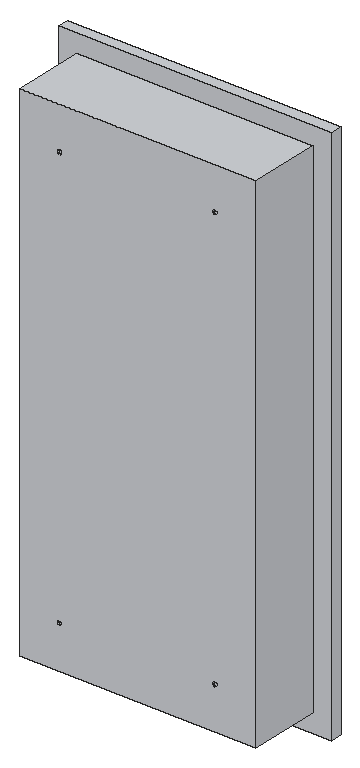
Revit family "AX9237E94_0017", category Appareils sanitaires, Revit 2016
Family settings
  Hôte = Mur
  Type d'élément = Normal
  Cote de connecteur circulaire = Utiliser le diamètre
  Numéro OmniClass = 23.75.00.00
  Titre OmniClass = Climate Control (HVAC)
  Toujours verticalement = Oui
  Couper avec des vides une fois chargée = Non
  Partagée = Non
  Point de calcul de pièce = Non
Parameters (values of type "Type 1")
  URL = "http://www.axeuro.com/fr/combines-2-en-1/24823-combine-distributeur-d-essuie-mains-et-poubelle-ax9237e94.html?search_query=ax9237e94&results=2"
  Ouverture d'encastrement conseillée = "666 mm en hauteur, 314 mm en largeur et 100 mm en profondeur"  # constant formula
  Modèle = "AX9237E94"  # constant formula
  Matériaux = "En inox 304 (18/10) Bactériostatique"  # constant formula
  Finition = "Brossé Poli Satiné HyperPolish"  # constant formula
  Fabricant = "Axeuro"  # constant formula
  Description = "Combiné distributeur d'essuie-mains et poubelle"  # constant formula
Reference planes
  plane 1 "Mur": y = 0
  plane 2 "Centre (gauche/droite)": x = 0
  plane 3 "Arrière": y = 75
Forms (mm)
  Extrusion 1, solid
    sketch origin (-115.2, 75, 180.521) x (1, 0, 0) y (0, 0, 1)
      loop
        line (293.2, 1199.919) -> (-62.8, 1199.919) -> (-62.8, 488.919) -> (293.2, 488.919) -> (293.2, 1199.919)
    from -15 to 0
  Extrusion 2, solid
    sketch origin (-307.535, 75, -381.507) x (1, 0, 0) y (0, 0, 1)
      loop
        line (461.482, 1738.447) -> (153.482, 1738.447) -> (153.482, 1074.447) -> (461.482, 1074.447) -> (461.482, 1738.447)
    from 0 to 94
  Extrusion 3, void
    sketch origin (-221.536, 74, 0.01) x (1, 0, 0) y (0, 0, 1)
      loop
        circle (120, 1301.44) r 3
    from 91.788 to 93
  Extrusion 4, void
    sketch origin (-18.498, 74, 0.01) x (1, 0, 0) y (0, 0, 1)
      loop
        circle (120, 1301.44) r 3
    from 91.788 to 93
  Extrusion 5, void
    sketch origin (-221.536, 74, -552.141) x (1, 0, 0) y (0, 0, 1)
      loop
        circle (120, 1301.44) r 3
    from 91.788 to 93
  Extrusion 6, void
    sketch origin (-18.498, 74, -552.141) x (1, 0, 0) y (0, 0, 1)
      loop
        circle (120, 1301.44) r 3
    from 91.788 to 93
  Extrusion 7, solid
    sketch origin (-1.342, 75, -334.395) x (1, 0, 0) y (0, 0, 1)
      loop
        circle (125.604, 1575.159) r 8.25
    from -15 to -12.919
  Extrusion 8, void
    sketch origin (-4.26, 75, -291.426) x (1, 0, 0) y (0, 0, 1)
      loop
        line (129.522, 1537.139) -> (127.522, 1537.139) -> (127.522, 1527.239) -> (129.522, 1527.239) -> (129.522, 1537.139)
    from -15 to -12.919
  Extrusion 9, solid, not visible
    sketch origin (2.754, 75, -43.399) x (1, 0, 0) y (0, 0, 1)
      loop
        circle (125.604, 1575.159) r 8.25
    from -15 to -12.919
  Extrusion 10, void, not visible
    sketch origin (-0.165, 75, -0.43) x (1, 0, 0) y (0, 0, 1)
      loop
        line (129.522, 1537.139) -> (127.522, 1537.139) -> (127.522, 1527.239) -> (129.522, 1527.239) -> (129.522, 1537.139)
    from -15 to -12.919
  Extrusion 11, solid
    sketch origin (-1.342, 75, -765.88) x (1, 0, 0) y (0, 0, 1)
      loop
        circle (125.604, 1575.159) r 8.25
    from -15 to -12.919
  Extrusion 12, void
    sketch origin (-4.26, 75, -722.91) x (1, 0, 0) y (0, 0, 1)
      loop
        line (129.522, 1537.139) -> (127.522, 1537.139) -> (127.522, 1527.239) -> (129.522, 1527.239) -> (129.522, 1537.139)
    from -15 to -12.919
  Extrusion 13, void
    sketch origin (444.292, 168, -18.307) x (1, 0, 0) y (0, 0, 1)
      loop
        line (-326.704, 1198.307) -> (-561.881, 1198.307)
        arc (-561.881, 1198.307) -> (-567.122, 1196.136) -> (-569.292, 1190.896) r 7.411
        line (-569.292, 1190.896) -> (-569.292, 975.719)
        arc (-569.292, 975.719) -> (-567.122, 970.478) -> (-561.881, 968.307) r 7.411
        line (-561.881, 968.307) -> (-326.704, 968.307)
        arc (-326.704, 968.307) -> (-321.463, 970.478) -> (-319.292, 975.719) r 7.411
        line (-319.292, 975.719) -> (-319.292, 1190.896)
        arc (-319.292, 1190.896) -> (-321.463, 1196.136) -> (-326.704, 1198.307) r 7.411
    from -15 to 93
Cuts and joins
  Extrusion 3, Extrusion 4, Extrusion 12, Extrusion 13 cuts Extrusion 1
  Extrusion 3, Extrusion 4, Extrusion 5, Extrusion 6 cuts Extrusion 2
  Extrusion 8, Extrusion 12 cuts Extrusion 7
  Extrusion 12 cuts Extrusion 11
Lines and regions (mm)
  reference lines
    curve 1: line (98.502, 0, 1301.45) -> (104.502, 0, 1301.45)
    curve 2: line (101.502, 0, 1298.45) -> (101.502, 0, 1304.45)
    curve 3: line (98.502, 0, 749.299) -> (104.502, 0, 749.299)
    curve 4: line (-101.536, 0, 1298.45) -> (-101.536, 0, 1304.45)
Text (mm)
  text "Côté de la mise en place" at (-1820.995, 1116.779, 0), in view "Niveau de réf."
  text "Côté de la mise en place" at (0, 1334.055, 2976.191), in view "Gauche"
  text "Côté de la mise en place" at (0, 439.194, 2944.362), in view "Droite"
Dimensions and locks
  locked: plane 3 "Arrière" to host wall
  aligned and locked: plane 1 "Mur" to host wall
